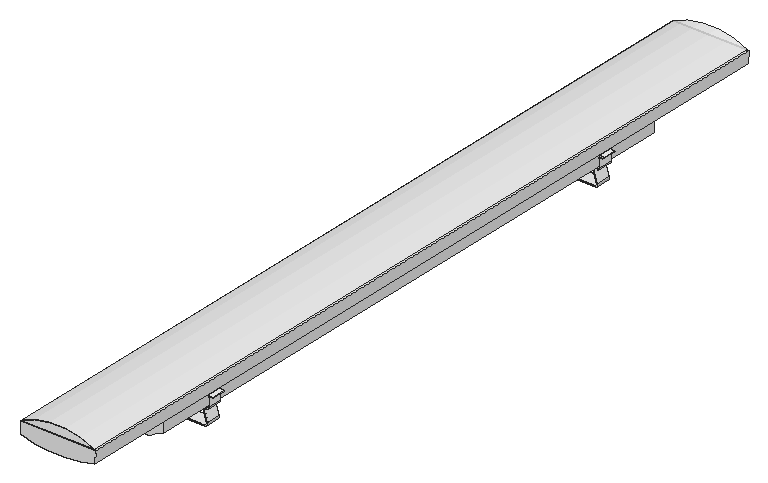
Revit family "Lighting-Industrial-GEWISS-SMART[3]PLUS-WATERTIGHT-LED-EMERGENCY_TRANSPARENT_1200mm", category Apparecchi per illuminazione, host Superficie, Revit 2019
Family settings
  Host = Superficie
  Quota connettore circolare = Usa diametro
  Tipo di parte = Normale
  Taglio con vuoti quando caricato = No
  Sorgente d'illuminazione = No
  Condiviso = No
  Punto di calcolo locali = No
Parameters (values of type "GWS3225AT957 - SMART3 PLUS 1200 EMERG DT1+DT6 HE TRASP 9 57")
  Working temperature = "ND"
  Weight (kg): = ""
  Warranty = "ND"
  Voltage = "220-240 V "
  Version file RFA = "20.0"
  URL = "https://www.gewiss.com/ww/en"
  Typology = ""
  Type of light source = "LED - Not replaceable"
  Technical sheet = "https://www.gewiss.com/ww/en/search?q=GWS3225AT957"
  System power = "36 W"
  Struttura = GEWISS - SMART 3 - GRIGIO
  Stampa 1_200 = no
  Stampa 1_100 = not(Stampa 1_200)  # yes
  Spostamento_Y_etichetta [instance] = 0 mm
  Spostamento_Y_effettivo_etichetta [instance] = 1500 mm - Spostamento_Y_etichetta  # 1500 mm
  Spostamento_X_etichetta [instance] = 0 mm
  Spostamento_X_effettivo_etichetta [instance] = 1500 mm - Spostamento_X_etichetta  # 1500 mm
  Shock resistance = "IK08"
  Shield type = "Transparent"
  Schermo. = Gewiss - Led Acceso
  SEO = "Ceiling"
  Realized by GEWISS S.p.A. = ""
  Default Elevation = 1219.2 mm
  Produttore = "GEWISS S.p.A."
  Operating temperature: = "ND"
  Nominal flux (lm) = ""
  No. LED (#) = ""
  Modello = "GWS3225AT957"
  Lunghezza Lampada = 1200 mm  # constant formula
  Lumen output (lm) = "4500"
  Length = "1200 mm"
  Lampada = "LED"
  Lamp = "LED"
  LED LifeTime (L80B20) = ""
  LED Life time (L80B50) = ""
  LED Life time (L70) = ""
  LED Life Time (L90B50) = ""
  Insulation class = "II"
  Immagine tipo = GWS3136T.jpg
  IP degree = "IP66/IP69"
  IFC.TypeObject = ""
  IFC.ExportType = ""
  IFC.ExportAs = ""
  IDT = "4cee24bc-7d08-4ab8-ad84-39fd04b56e2f"
  IDF = "9f0aacd4-2dae-44e9-b110-049f8c510713"
  Glow Wire Test = "850°C"
  Ganci = GEWISS  - ALLUMINIO
  Failure rate apparecchio (50.000h, Tq=25Â° C) = ""
  Failure rate apparecchio (35.000h, Tq=35Â° C) = ""
  Electrocod = "2434"
  Efficiency class of integrated LEDs = "A ÷ A++"
  EAN code = ""
  Driver type = ""
  Device with reduced surface temperature = ""
  Descrizione = "SMART3 PLUS 1200 EMERG DT1+DT6 HE TRASP 9 57"
  Commenti sul wattaggio = "56W"
  Colour temperature: = "5700 K (CRI > 90)"
  Colour temperature = "5700 K (CRI > 90)"
  Catalogue Range = "SMART[3] PLUS"
  Catalogue = "LIGHTING"
  Carico apparente = 56 VA
  COBie.Tagnumber = ""
  COBie.CreatedOn = ""
  COBie.CreatebBy = ""
  COBie.ComponentRegisterItemID = ""
  COBie.Component.TagNumber = ""
  COBie.Component.Space = ""
  COBie.Component.SerialNumber = ""
  COBie.Component.InstallationDate = ""
  COBie.Component.Description = ""
  COBie.Component.BarCode = ""
  Application = "Indoor"
Types (7, lengths in mm): name | Technical sheet | Modello | Lumen output (lm) | IDT | Descrizione | Commenti sul wattaggio | Colour temperature: | Colour temperature | Carico apparente
  (no name) | "https://www.gewiss.com/ww/en/search?q=GWS3225AT957" | "GWS3225AT957" | "4500" | "4cee24bc-7d08-4ab8-ad84-39fd04b56e2f" | "SMART3 PLUS 1200 EMERG DT1+DT6 HE TRASP 9 57" | "56W" | "5700 K (CRI > 90)" | "5700 K (CRI > 90)" | 56 VA
  GWS3225AT830 - SMART3 PLUS 1200 EMERG DT1+DT6 HE TRASP 8 30 | "https://www.gewiss.com/ww/en/search?q=GWS3225AT830" | "GWS3225AT830" | "5400" | "e35c085b-fb90-42c9-abd4-3dd21300d648" | "SMART3 PLUS 1200 EMERG DT1+DT6 HE TRASP 8 30" | "43W" | "3000 K (CRI > 80)" | "3000 K (CRI > 80)" | 43 VA
  GWS3225AT857 - SMART3 PLUS 1200 EMERG DT1+DT6 HE TRASP 8 57 | "https://www.gewiss.com/ww/en/search?q=GWS3225AT857" | "GWS3225AT857" | "5700" | "3d4547a7-9022-496a-bdf7-0ca7f89dfcc0" | "SMART3 PLUS 1200 EMERG DT1+DT6 HE TRASP 8 57" | "43W" | "5700 K (CRI > 80)" | "5700 K (CRI > 80)" | 43 VA
  GWS3225AT930 - SMART3 PLUS 1200 EMERG DT1+DT6 HE TRASP 9 30 | "https://www.gewiss.com/ww/en/search?q=GWS3225AT930" | "GWS3225AT930" | "4200" | "1acd2cf4-6378-4f47-83cc-e80cbbba81b7" | "SMART3 PLUS 1200 EMERG DT1+DT6 HE TRASP 9 30" | "45W" | "3000 K (CRI > 90)" | "3000 K (CRI > 90)" | 45 VA
  GWS3225AT840 - SMART3 PLUS 1200 EMERG DT1+DT6 HE TRASP 8 40 | "https://www.gewiss.com/ww/en/search?q=GWS3225AT840" | "GWS3225AT840" | "5700" | "39007806-11a0-4433-9a3b-6732bf933f4e" | "SMART3 PLUS 1200 EMERG DT1+DT6 HE TRASP 8 40" | "45W" | "4000 K (CRI > 80)" | "4000 K (CRI > 80)" | 45 VA
  GWS3225AT940 - SMART3 PLUS 1200 EMERG DT1+DT6 HE TRASP 9 40 | "https://www.gewiss.com/ww/en/search?q=GWS3225AT940" | "GWS3225AT940" | "4500" | "35dc2ff4-c68c-4bfd-a093-e82e785250cb" | "SMART3 PLUS 1200 EMERG DT1+DT6 HE TRASP 9 40" | "56W" | "4000 K (CRI > 90)" | "4000 K (CRI > 90)" | 56 VA
  GWS3225AT957 - SMART3 PLUS 1200 EMERG DT1+DT6 HE TRASP 9 57 | "https://www.gewiss.com/ww/en/search?q=GWS3225AT957" | "GWS3225AT957" | "4500" | "4cee24bc-7d08-4ab8-ad84-39fd04b56e2f" | "SMART3 PLUS 1200 EMERG DT1+DT6 HE TRASP 9 57" | "56W" | "5700 K (CRI > 90)" | "5700 K (CRI > 90)" | 56 VA
Reference planes
  plane 1 "Centro (Fronte/Retro)": y = 0
  plane 2: z = 0
  plane 3 "Centro (Sinistra/Destra)": x = 0
  plane 4: x = -1500
  plane 5: y = -1500
  plane 6: x = 0
  plane 7: y = 0
Forms (mm)
  Extrusion 1, solid, material "GEWISS  - ALLUMINIO" <- "Ganci", detail levels medium+fine
    sketch origin (0, 0, 0) x (1, 0, 0) y (0, 0, 1)
      loop
        arc (31.431, -0.002) -> (34.576, 1.589) -> (35.156, 5.066) r 3.903
        line (35.156, 5.066) -> (29.612, 23.211)
        arc (29.612, 23.211) -> (29.883, 24.381) -> (31.032, 24.73) r 1.2
        line (31.032, 24.73) -> (34.307, 23.974)
        arc (34.307, 23.974) -> (36.765, 24.53) -> (37.859, 26.8) r 2.9
        line (37.859, 26.8) -> (37.859, 38.8)
        arc (37.859, 38.8) -> (37.648, 39.694) -> (37.059, 40.4) r 2
        line (37.059, 40.4) -> (37.059, 42.71) -> (42.861, 40.598) -> (43.203, 41.538) -> (37.53, 43.603)
        arc (37.53, 43.603) -> (37.019, 43.613) -> (36.605, 43.311) r 0.8
        line (36.605, 43.311) -> (36.306, 26.139)
        arc (36.306, 26.139) -> (35.6, 25.444) -> (34.616, 25.34) r 1.5
        line (34.616, 25.34) -> (31.344, 26.095)
        arc (31.344, 26.095) -> (28.858, 25.335) -> (28.273, 22.802) r 2.6
        line (28.273, 22.802) -> (33.827, 4.636)
        arc (33.827, 4.636) -> (33.449, 2.415) -> (31.438, 1.4) r 2.5
        line (31.438, 1.4) -> (-31.437, 1.4)
        arc (-31.437, 1.4) -> (-33.449, 2.415) -> (-33.827, 4.636) r 2.5
        line (-33.827, 4.636) -> (-28.273, 22.802)
        arc (-28.273, 22.802) -> (-28.858, 25.335) -> (-31.344, 26.095) r 2.6
        line (-31.344, 26.095) -> (-34.616, 25.34)
        arc (-34.616, 25.34) -> (-35.6, 25.444) -> (-36.306, 26.139) r 1.5
        line (-36.306, 26.139) -> (-36.605, 43.311)
        arc (-36.605, 43.311) -> (-37.019, 43.613) -> (-37.53, 43.603) r 0.8
        line (-37.53, 43.603) -> (-43.203, 41.538) -> (-42.861, 40.598) -> (-37.059, 42.71) -> (-37.059, 40.4)
        arc (-37.059, 40.4) -> (-37.648, 39.694) -> (-37.859, 38.8) r 2
        line (-37.859, 38.8) -> (-37.859, 26.8)
        arc (-37.859, 26.8) -> (-36.765, 24.53) -> (-34.307, 23.974) r 2.9
        line (-34.307, 23.974) -> (-31.032, 24.73)
        arc (-31.032, 24.73) -> (-29.883, 24.381) -> (-29.612, 23.211) r 1.2
        line (-29.612, 23.211) -> (-35.156, 5.066)
        arc (-35.156, 5.066) -> (-34.576, 1.589) -> (-31.431, -0.002) r 3.903
        line (-31.431, -0.002) -> (31.431, -0.002)
    from 348.766 to 368.766
  Extrusion 2, solid, material "GEWISS  - ALLUMINIO" <- "Ganci", detail levels medium+fine
    sketch origin (0, 0, 0) x (1, 0, 0) y (0, 0, -1)
      loop
        line (31.431, 0.002) -> (-31.431, 0.002)
        arc (-31.431, 0.002) -> (-34.576, -1.589) -> (-35.156, -5.066) r 3.903
        line (-35.156, -5.066) -> (-29.612, -23.211)
        arc (-29.612, -23.211) -> (-29.883, -24.381) -> (-31.032, -24.73) r 1.2
        line (-31.032, -24.73) -> (-34.307, -23.974)
        arc (-34.307, -23.974) -> (-36.765, -24.53) -> (-37.859, -26.8) r 2.9
        line (-37.859, -26.8) -> (-37.859, -38.8)
        arc (-37.859, -38.8) -> (-37.648, -39.694) -> (-37.059, -40.4) r 2
        line (-37.059, -40.4) -> (-37.059, -42.71) -> (-42.861, -40.598) -> (-43.203, -41.538) -> (-37.53, -43.603)
        arc (-37.53, -43.603) -> (-37.019, -43.613) -> (-36.605, -43.311) r 0.8
        line (-36.605, -43.311) -> (-36.306, -26.139)
        arc (-36.306, -26.139) -> (-35.6, -25.444) -> (-34.616, -25.34) r 1.5
        line (-34.616, -25.34) -> (-31.344, -26.095)
        arc (-31.344, -26.095) -> (-28.858, -25.335) -> (-28.273, -22.802) r 2.6
        line (-28.273, -22.802) -> (-33.827, -4.636)
        arc (-33.827, -4.636) -> (-33.449, -2.415) -> (-31.437, -1.4) r 2.5
        line (-31.437, -1.4) -> (31.438, -1.4)
        arc (31.438, -1.4) -> (33.449, -2.415) -> (33.827, -4.636) r 2.5
        line (33.827, -4.636) -> (28.273, -22.802)
        arc (28.273, -22.802) -> (28.858, -25.335) -> (31.344, -26.095) r 2.6
        line (31.344, -26.095) -> (34.616, -25.34)
        arc (34.616, -25.34) -> (35.6, -25.444) -> (36.306, -26.139) r 1.5
        line (36.306, -26.139) -> (36.605, -43.311)
        arc (36.605, -43.311) -> (37.019, -43.613) -> (37.53, -43.603) r 0.8
        line (37.53, -43.603) -> (43.203, -41.538) -> (42.861, -40.598) -> (37.059, -42.71) -> (37.059, -40.4)
        arc (37.059, -40.4) -> (37.648, -39.694) -> (37.859, -38.8) r 2
        line (37.859, -38.8) -> (37.859, -26.8)
        arc (37.859, -26.8) -> (36.765, -24.53) -> (34.307, -23.974) r 2.9
        line (34.307, -23.974) -> (31.032, -24.73)
        arc (31.032, -24.73) -> (29.883, -24.381) -> (29.612, -23.211) r 1.2
        line (29.612, -23.211) -> (35.156, -5.066)
        arc (35.156, -5.066) -> (34.576, -1.589) -> (31.431, 0.002) r 3.903
    from 348.766 to 368.766
  Extrusion 3, solid, material "GEWISS - SMART 3 - GRIGIO" <- "Struttura", detail levels medium+fine
    sketch origin (0, 0, 0) x (1, 0, 0) y (0, 0, 1)
      loop
        line (-36.331, 55.757) -> (-35.847, 28.018)
        arc (-35.847, 28.018) -> (-33.139, 27.27) -> (-30.416, 26.58) r 129.5
        arc (-30.416, 26.58) -> (-28.066, 25.76) -> (-25.915, 24.506) r 13
        arc (-25.915, 24.506) -> (-24.23, 23.324) -> (-22.521, 22.178) r 99.5
        arc (-22.521, 22.178) -> (-16.401, 19.063) -> (-9.748, 17.365) r 31.146
        line (-9.748, 17.365) -> (12.491, 17.365)
        arc (12.491, 17.365) -> (17.822, 19.098) -> (22.764, 21.745) r 31.646
        arc (22.764, 21.745) -> (24.509, 22.915) -> (26.228, 24.122) r 100
        arc (26.228, 24.122) -> (28.283, 25.313) -> (30.525, 26.095) r 12.5
        arc (30.525, 26.095) -> (33.437, 26.834) -> (36.332, 27.64) r 130
        line (36.332, 27.64) -> (36.824, 55.851)
        arc (36.824, 55.851) -> (24.914, 53.937) -> (12.909, 52.764) r 195.047
        line (12.909, 52.764) -> (-12.909, 52.764)
        arc (-12.909, 52.764) -> (-24.665, 53.905) -> (-36.331, 55.757) r 195.047
    from -450 to 450
  Extrusion 4, solid, material "GEWISS - SMART 3 - GRIGIO" <- "Struttura", detail levels medium+fine
    sketch origin (0, 0, 0) x (1, 0, 0) y (0, 0, 1)
      loop
        line (54.725, 60.184) -> (55.177, 77.445) -> (-55.177, 77.445) -> (-54.725, 60.184)
        arc (-54.725, 60.184) -> (-34.019, 55.332) -> (-12.909, 52.764) r 195.047
        line (-12.909, 52.764) -> (12.909, 52.764)
        arc (12.909, 52.764) -> (34.019, 55.332) -> (54.725, 60.184) r 195.047
    from -600 to 600
  Extrusion 5, solid, material "Gewiss - Led Acceso" <- "Schermo.", detail levels medium+fine
    sketch origin (0, 0, 0) x (1, 0, 0) y (0, 0, 1)
      loop
        arc (54.697, 78.441) -> (-0.014, 90.457) -> (-54.723, 78.429) r 130.5
        arc (-54.723, 78.429) -> (-54.988, 77.838) -> (-54.5, 77.445) r 0.5
        line (-54.5, 77.445) -> (54.479, 77.445)
        arc (54.479, 77.445) -> (54.988, 77.855) -> (54.697, 78.441) r 0.522
    from -600 to 600
  Extrusion 6, solid, material "GEWISS - SMART 3 - GRIGIO" <- "Struttura", detail levels coarse
    sketch origin (0, 0, 0) x (1, 0, 0) y (0, 0, 1)
      loop
        line (-54.5, 90.439) -> (-54.5, 0) -> (54.5, 0) -> (54.5, 90.439) -> (-54.5, 90.439)
    from -600 to 600
Lines and regions (mm)
  Masking region 1
    outline origin (0, 0, 0) x (1, 0, 0) y (0, 1, 0)
      loop
        line (-55.177, 600) -> (-55.177, -600) -> (55.177, -600) -> (55.177, 600) -> (-55.177, 600)
  symbolic lines, style "GEWISS - LIGHT 2D"
    curve 1: line (0, 488.766, 0) -> (0, -491.234, 0)
Dimensions and locks
  plane 4 to plane 3 "Centro (Sinistra/Destra)" = 1500 mm
  "Spostamento_X_effettivo_etichetta": plane 4 to plane 6
  plane 1 "Centro (Fronte/Retro)" to plane 5 = 1500 mm
  "Spostamento_Y_effettivo_etichetta": plane 7 to plane 5
  aligned and locked: plane 2 to host face
  aligned and locked: level to host face
  aligned and locked: Masking region 1 sketch curve to Extrusion 4  (x4)
  aligned and locked: plane 6 to nested 1
  aligned and locked: nested 1 to plane 7
  aligned and locked: curve 1 to plane 3 "Centro (Sinistra/Destra)"
Automatic sketch dimensions
  host sketch curve to host sketch curve = 2438.4 mm  (x2)
  Extrusion 1 sketch curve to Extrusion 1 sketch curve = 0 mm  (x28)
  Extrusion 1 sketch curve to plane 3 "Centro (Sinistra/Destra)" = 43.203 mm
  level to Extrusion 1 sketch curve = 40.598 mm
  Extrusion 1 sketch curve to Extrusion 1 sketch curve = 0.342 mm  (x2)
  Extrusion 1 sketch curve to Extrusion 1 sketch curve = 5.002 mm  (x2)
  Extrusion 1 sketch curve to Extrusion 1 sketch curve = 0.329 mm
  Extrusion 1 sketch curve to Extrusion 1 sketch curve = 0.271 mm  (x2)
  Extrusion 1 sketch curve to Extrusion 1 sketch curve = 0.8 mm  (x2)
  Extrusion 1 sketch curve to Extrusion 1 sketch curve = 0.454 mm  (x2)
  Extrusion 1 sketch curve to Extrusion 1 sketch curve = 1.554 mm
  Extrusion 1 sketch curve to Extrusion 1 sketch curve = 2 mm
  level to Extrusion 1 sketch curve = 5.066 mm  (x2)
  Extrusion 1 sketch curve to Extrusion 1 sketch curve = 1.15 mm
  Extrusion 1 sketch curve to Extrusion 1 sketch curve = 1.346 mm  (x2)
  Extrusion 1 sketch curve to Extrusion 1 sketch curve = 0.343 mm  (x2)
  level to Extrusion 1 sketch curve = 4.636 mm  (x2)
  Extrusion 1 sketch curve to Extrusion 1 sketch curve = 1.329 mm  (x2)
  level to Extrusion 1 sketch curve = 1.4 mm
  Extrusion 1 sketch curve to Extrusion 1 sketch curve = 2.389 mm  (x2)
  Extrusion 1 sketch curve to Extrusion 1 sketch curve = 0.007 mm  (x2)
  Extrusion 1 sketch curve to Extrusion 1 sketch curve = 3.584 mm  (x2)
  Extrusion 1 sketch curve to Extrusion 1 sketch curve = 0.273 mm  (x2)
  plane 3 "Centro (Sinistra/Destra)" to Extrusion 1 sketch curve = 30.759 mm
  Extrusion 1 sketch curve to level = 0.002 mm
  Extrusion 1 sketch curve to Extrusion 1 sketch curve = 0.672 mm
  Extrusion 1 sketch curve to Extrusion 1 sketch curve = 0.9 mm
  level to Extrusion 1 sketch curve = 26.139 mm
  Extrusion 1 sketch curve to Extrusion 1 sketch curve = 0.746 mm
  Extrusion 1 sketch curve to Extrusion 1 sketch curve = 0.2 mm
  Extrusion 1 sketch curve to Extrusion 1 sketch curve = 2.577 mm
  Extrusion 1 sketch curve to Extrusion 1 sketch curve = 18.496 mm
  Extrusion 1 sketch curve to Extrusion 1 sketch curve = 1.169 mm  (x2)
  Extrusion 1 sketch curve to Extrusion 1 sketch curve = 0.799 mm  (x2)
  Extrusion 1 sketch curve to Extrusion 1 sketch curve = 0.609 mm
  Extrusion 1 sketch curve to Extrusion 1 sketch curve = 1.798 mm  (x2)
  Extrusion 1 sketch curve to Extrusion 1 sketch curve = 12 mm
  Extrusion 1 sketch curve to Extrusion 1 sketch curve = 0.94 mm  (x2)
  Extrusion 1 sketch curve to Extrusion 1 sketch curve = 0.14 mm  (x2)
  Extrusion 1 sketch curve to Extrusion 1 sketch curve = 0.309 mm  (x2)
  Extrusion 1 sketch curve to Extrusion 1 sketch curve = 0.312 mm  (x2)
  Extrusion 1 sketch curve to Extrusion 1 sketch curve = 1.148 mm  (x2)
  Extrusion 1 sketch curve to Extrusion 1 sketch curve = 1.339 mm
  Extrusion 1 sketch curve to Extrusion 1 sketch curve = 2.486 mm
  Extrusion 1 sketch curve to Extrusion 1 sketch curve = 0.409 mm  (x2)
  Extrusion 2 sketch curve to Extrusion 2 sketch curve = 0 mm  (x28)
  Extrusion 2 sketch curve to plane 3 "Centro (Sinistra/Destra)" = 43.203 mm
  level to Extrusion 2 sketch curve = 40.598 mm
  Extrusion 2 sketch curve to Extrusion 2 sketch curve = 0.342 mm  (x2)
  Extrusion 2 sketch curve to Extrusion 2 sketch curve = 5.002 mm  (x2)
  Extrusion 2 sketch curve to Extrusion 2 sketch curve = 0.329 mm
  Extrusion 2 sketch curve to Extrusion 2 sketch curve = 0.271 mm  (x2)
  Extrusion 2 sketch curve to Extrusion 2 sketch curve = 0.8 mm  (x2)
  Extrusion 2 sketch curve to Extrusion 2 sketch curve = 0.454 mm  (x2)
  Extrusion 2 sketch curve to Extrusion 2 sketch curve = 1.554 mm
  Extrusion 2 sketch curve to Extrusion 2 sketch curve = 2 mm
  level to Extrusion 2 sketch curve = 5.066 mm  (x2)
  Extrusion 2 sketch curve to Extrusion 2 sketch curve = 1.15 mm
  Extrusion 2 sketch curve to Extrusion 2 sketch curve = 1.346 mm  (x2)
  Extrusion 2 sketch curve to Extrusion 2 sketch curve = 0.343 mm  (x2)
  level to Extrusion 2 sketch curve = 4.636 mm  (x2)
  Extrusion 2 sketch curve to Extrusion 2 sketch curve = 1.329 mm  (x2)
  level to Extrusion 2 sketch curve = 1.4 mm
  Extrusion 2 sketch curve to Extrusion 2 sketch curve = 2.389 mm  (x2)
  Extrusion 2 sketch curve to Extrusion 2 sketch curve = 0.007 mm  (x2)
  Extrusion 2 sketch curve to Extrusion 2 sketch curve = 3.584 mm  (x2)
  Extrusion 2 sketch curve to Extrusion 2 sketch curve = 0.273 mm  (x2)
  plane 3 "Centro (Sinistra/Destra)" to Extrusion 2 sketch curve = 30.759 mm
  Extrusion 2 sketch curve to level = 0.002 mm
  Extrusion 2 sketch curve to Extrusion 2 sketch curve = 0.672 mm
  Extrusion 2 sketch curve to Extrusion 2 sketch curve = 0.9 mm
  level to Extrusion 2 sketch curve = 26.139 mm
  Extrusion 2 sketch curve to Extrusion 2 sketch curve = 0.746 mm
  Extrusion 2 sketch curve to Extrusion 2 sketch curve = 0.2 mm
  Extrusion 2 sketch curve to Extrusion 2 sketch curve = 14.46 mm
  Extrusion 2 sketch curve to Extrusion 2 sketch curve = 0.94 mm  (x2)
  Extrusion 2 sketch curve to Extrusion 2 sketch curve = 0.14 mm  (x2)
  Extrusion 2 sketch curve to Extrusion 2 sketch curve = 2.31 mm  (x2)
  Extrusion 2 sketch curve to Extrusion 2 sketch curve = 12 mm
  Extrusion 2 sketch curve to Extrusion 2 sketch curve = 0.661 mm  (x2)
  Extrusion 2 sketch curve to Extrusion 2 sketch curve = 0.609 mm  (x2)
  Extrusion 2 sketch curve to Extrusion 2 sketch curve = 1.169 mm  (x2)
  Extrusion 2 sketch curve to Extrusion 2 sketch curve = 0.309 mm  (x2)
  Extrusion 2 sketch curve to Extrusion 2 sketch curve = 0.312 mm  (x2)
  Extrusion 2 sketch curve to Extrusion 2 sketch curve = 1.148 mm  (x2)
  Extrusion 2 sketch curve to Extrusion 2 sketch curve = 1.339 mm
  Extrusion 2 sketch curve to Extrusion 2 sketch curve = 2.486 mm
  Extrusion 2 sketch curve to Extrusion 2 sketch curve = 1.365 mm  (x2)
  Extrusion 3 sketch curve to plane 3 "Centro (Sinistra/Destra)" = 36.331 mm
  Extrusion 3 sketch curve to Extrusion 3 sketch curve = 0.484 mm
  Extrusion 3 sketch curve to Extrusion 3 sketch curve = 2.34 mm
  Extrusion 3 sketch curve to plane 3 "Centro (Sinistra/Destra)" = 32.068 mm
  Extrusion 3 sketch curve to plane 3 "Centro (Sinistra/Destra)" = 12.909 mm
  Extrusion 3 sketch curve to plane 3 "Centro (Sinistra/Destra)" = 9.748 mm
  Extrusion 3 sketch curve to plane 3 "Centro (Sinistra/Destra)" = 5.421 mm
  Extrusion 3 sketch curve to plane 3 "Centro (Sinistra/Destra)" = 0.057 mm
  Extrusion 3 sketch curve to plane 3 "Centro (Sinistra/Destra)" = 0.007 mm
  Extrusion 3 sketch curve to plane 3 "Centro (Sinistra/Destra)" = 0.001 mm
  plane 3 "Centro (Sinistra/Destra)" to Extrusion 3 sketch curve = 0.057 mm
  plane 3 "Centro (Sinistra/Destra)" to Extrusion 3 sketch curve = 5.412 mm
  plane 3 "Centro (Sinistra/Destra)" to Extrusion 3 sketch curve = 12.491 mm
  Extrusion 3 sketch curve to Extrusion 3 sketch curve = 7.496 mm
  plane 3 "Centro (Sinistra/Destra)" to Extrusion 3 sketch curve = 32.059 mm
  Extrusion 3 sketch curve to Extrusion 3 sketch curve = 21.008 mm
  Extrusion 3 sketch curve to Extrusion 3 sketch curve = 2.833 mm
  Extrusion 3 sketch curve to Extrusion 3 sketch curve = 23.916 mm
  level to Extrusion 3 sketch curve = 13.953 mm  (x2)
  level to Extrusion 3 sketch curve = 17.365 mm  (x2)
  Extrusion 3 sketch curve to Extrusion 3 sketch curve = 13.687 mm
  Extrusion 3 sketch curve to Extrusion 3 sketch curve = 14.064 mm
  Extrusion 3 sketch curve to Extrusion 3 sketch curve = 30.844 mm
  Extrusion 3 sketch curve to Extrusion 3 sketch curve = 0 mm  (x3)
  Extrusion 3 sketch curve to Extrusion 3 sketch curve = 4.555 mm
  Extrusion 3 sketch curve to Extrusion 3 sketch curve = 2.993 mm
  Extrusion 3 sketch curve to Extrusion 3 sketch curve = 3.087 mm
  Extrusion 3 sketch curve to Extrusion 3 sketch curve = 49.52 mm
  Extrusion 3 sketch curve to Extrusion 3 sketch curve = 49.615 mm
  Extrusion 3 sketch curve to Extrusion 3 sketch curve = 47.089 mm
  Extrusion 3 sketch curve to Extrusion 3 sketch curve = 5.431 mm
  Extrusion 3 sketch curve to Extrusion 3 sketch curve = 4.5 mm
  Extrusion 3 sketch curve to Extrusion 3 sketch curve = 10.273 mm
  Extrusion 3 sketch curve to Extrusion 3 sketch curve = 3.465 mm
  Extrusion 3 sketch curve to Extrusion 3 sketch curve = 4.297 mm
  Extrusion 4 sketch curve to plane 3 "Centro (Sinistra/Destra)" = 55.177 mm
  Extrusion 4 sketch curve to Extrusion 4 sketch curve = 0.452 mm  (x2)
  Extrusion 4 sketch curve to plane 3 "Centro (Sinistra/Destra)" = 12.909 mm
  Extrusion 4 sketch curve to plane 3 "Centro (Sinistra/Destra)" = 0.057 mm
  plane 3 "Centro (Sinistra/Destra)" to Extrusion 4 sketch curve = 0.057 mm
  plane 3 "Centro (Sinistra/Destra)" to Extrusion 4 sketch curve = 12.909 mm
  Extrusion 4 sketch curve to Extrusion 4 sketch curve = 41.816 mm
  level to Extrusion 4 sketch curve = 52.764 mm
  Extrusion 4 sketch curve to Extrusion 4 sketch curve = 7.42 mm  (x2)
  Extrusion 4 sketch curve to Extrusion 4 sketch curve = 17.262 mm
  Extrusion 5 sketch curve to plane 3 "Centro (Sinistra/Destra)" = 0 mm
  Extrusion 5 sketch curve to plane 3 "Centro (Sinistra/Destra)" = 54.5 mm
  plane 3 "Centro (Sinistra/Destra)" to Extrusion 5 sketch curve = 54.479 mm
  Extrusion 5 sketch curve to level = 40.043 mm
  level to Extrusion 5 sketch curve = 77.445 mm
  Extrusion 5 sketch curve to Extrusion 5 sketch curve = 0.5 mm
  Extrusion 5 sketch curve to Extrusion 5 sketch curve = 0.522 mm
  Extrusion 5 sketch curve to Extrusion 5 sketch curve = 0.21 mm
  Extrusion 5 sketch curve to Extrusion 5 sketch curve = 0.014 mm
  Extrusion 5 sketch curve to Extrusion 5 sketch curve = 0 mm
  Extrusion 6 sketch curve to level = 0 mm
  Extrusion 6 sketch curve to plane 3 "Centro (Sinistra/Destra)" = 54.5 mm
  plane 3 "Centro (Sinistra/Destra)" to Extrusion 6 sketch curve = 54.5 mm
  Extrusion 6 sketch curve to Extrusion 6 sketch curve = 90.439 mm
  plane 1 "Centro (Fronte/Retro)" to curve 1 = 491.234 mm
  curve 1 to plane 1 "Centro (Fronte/Retro)" = 488.766 mm
Nested families
  nested 1: "ETICHETTA WATTAGGIO" at (0, 0, 0), type "ETICHETTA WATTAGGIO"
Connectors
  electrical at (0, 0, 0), driven by "Carico apparente"
    settings: on Masking region 1, index 1, voltage 230 V, apparent load 0 VA, apparent load phase1 56 VA, apparent load phase2 0 VA, apparent load phase3 0 VA, power factor 1, load classification "Illuminazione", number of poles 2, system type 31, power factor state 1, is connector primary yes, connector utility no, sub classification motor no, connector description ""
Definition of nested family "ETICHETTA WATTAGGIO"
  Parameters (values of type "ETICHETTA WATTAGGIO")
    GW - Potenza di sistema = ""
    GW - Numero LED = ""
    COMMENTI = "13W"
    1_200 = no
    1_100 = yes
  Reference planes
    plane 1: y = 0
    plane 2: x = 0
  Text (mm)
    label "GW - Potenza di sistema\nGW - Numero LED LED" at (-0.057, -0.214, 0), shows "GW - Potenza di sistema", "GW - Numero LED", visible <- "1_100"
    label "GW - Potenza di sistema\nGW - Numero LED LED " at (-0.057, -0.214, 0), shows "GW - Potenza di sistema", "GW - Numero LED", visible <- "1_200"
